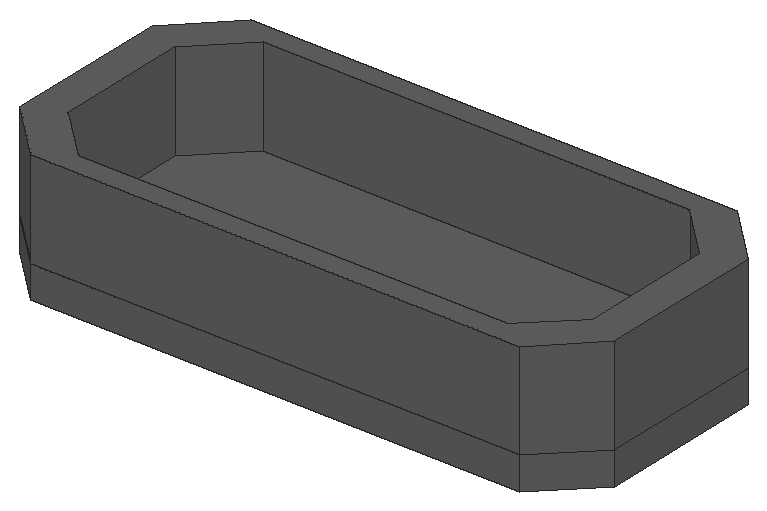
Revit family "Universalträger UT3, Systemlänge 165 mm", category Generic Models, Revit 2015
Parameters (values of type "UT3")
  URL = "http://www.obo-bettermann.com"
  Material = OBO PA
  Manufacturer Art.No. = "7408721"
  Manufacturer = "OBO Bettermann"
  Height 1 = 9 mm
  Height = 36 mm
  GTIN = "Artikel-GTIN-Nr."
  Article Type = "UT3"
Reference planes
  plane 1 "Center (Front/Back)": y = 0
  plane 2: z = 0
  plane 3 "Center (Left/Right)": x = 0
  plane 4: z = 9
  plane 5: z = 36
Forms (mm)
  Extrusion 1, solid, material "OBO PA" <- "Material"
    sketch origin (0, 0, 0) x (1, 0, 0) y (0, 1, 0)
      loop
        line (-82.5, -23) -> (-67.5, -38) -> (67.9, -38) -> (82.5, -23.4) -> (82.5, 22.6) -> (67.1, 38) -> (-67.5, 38) -> (-82.5, 23) -> (-82.5, -23)
    from 0 to 9
  Extrusion 2, solid, material "OBO PA" <- "Material"
    sketch origin (0, 0, 0) x (1, 0, 0) y (0, 1, 0)
      loop
        line (67.1, 38) -> (-67.5, 38) -> (-82.5, 23) -> (-82.5, -23) -> (-67.5, -38) -> (67.9, -38) -> (82.5, -23.4) -> (82.5, 22.6) -> (67.1, 38)
      loop
        line (58.958, 32) -> (-59.358, 32) -> (-72.8, 18.558) -> (-72.8, -18.558) -> (-59.358, -32) -> (59.758, -32) -> (72.8, -18.958) -> (72.8, 18.158) -> (58.958, 32)
    from 9 to 36
Dimensions and locks
  locked: Extrusion 1 sketch curve to plane 3 "Center (Left/Right)" at 82.5
  locked: Extrusion 1 sketch curve to Extrusion 1 sketch curve at 46  (x2)
  locked: plane 1 "Center (Front/Back)" to Extrusion 1 sketch curve at 23
  Extrusion 1 sketch curve to Extrusion 1 sketch curve = 134.6 mm
  plane 3 "Center (Left/Right)" to Extrusion 1 sketch curve = 67.1 mm
  locked: plane 1 "Center (Front/Back)" to Extrusion 1 sketch curve at 38
  locked: plane 3 "Center (Left/Right)" to Extrusion 1 sketch curve at 82.5
  plane 1 "Center (Front/Back)" to Extrusion 1 sketch curve = 22.6 mm
  Extrusion 1 sketch curve to plane 1 "Center (Front/Back)" = 38 mm
  locked: Extrusion 1 sketch curve to plane 1 "Center (Front/Back)" at 38
  locked: Extrusion 1 sketch curve to Extrusion 1 sketch curve at 135.4
  plane 3 "Center (Left/Right)" to Extrusion 1 sketch curve = 67.9 mm
  "Height 1": plane 4 to level
  "Height": plane 5 to level
  locked: Extrusion 1 to Extrusion 2 sketch curve at 10  (x4)
  aligned and locked: level to plane 2
  aligned and locked: plane 4 to Extrusion 1
  aligned and locked: Extrusion 2 sketch curve to Extrusion 1  (x8)
  aligned and locked: plane 5 to Extrusion 2
  aligned and locked: Extrusion 2 to Extrusion 1
Automatic sketch dimensions
  Extrusion 2 sketch curve to Extrusion 2 sketch curve = 6 mm  (x2)
  Extrusion 2 sketch curve to Extrusion 2 sketch curve = 4.442 mm  (x2)
